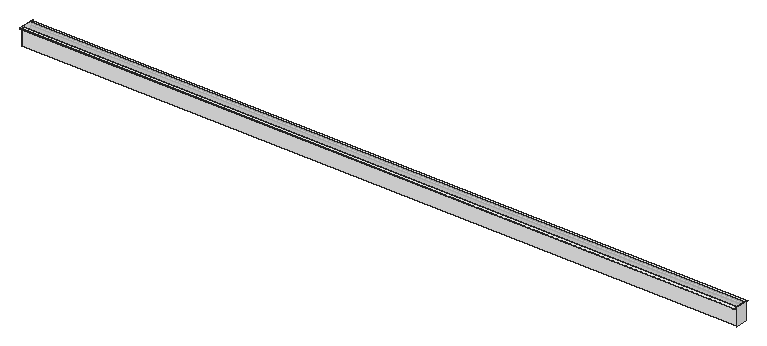
Revit family "2093131 Sylvania Lighting Fixture MC2 TRIM 3-6M 4K DALI WHT OPAL", category Lighting Fixtures, host Face, Revit 2016
Family settings
  Host = Face
  Part Type = Normal
  Round Connector Dimension = Use Diameter
  OmniClass Number = 23.80.70.11.17
  OmniClass Title = Specialized Lighting by Location or Use
  Cut with Voids When Loaded = No
  Light Source = Yes
  Shared = No
  Room Calculation Point = No
Parameters (values of type "2093131 MC2 TRIM 3.6M 4K DALI WHT OPAL")
  Width_SYL = 54.0 mm
  Weight = "8.4 kg"
  Wattage = 63 W
  WarrantyStartDate [instance] = "n/a"
  WarrantyGuarantorParts = "n/a"
  WarrantyDurationUnit = "n/a"
  WarrantyDurationParts = "n/a"
  WarrantyDescription = "n/a"
  built-in parameter 1150110 = 1 (stored number, unit not read)
  Voltage = 0 V
  URL = "http://www.sylvania-lighting.com"
  TypeName = "MC2 TRIM 3.6M 4K DALI WHT OPAL"
  built-in parameter 1114217 = 1 (stored number, unit not read)
  Tilt Angle = -90.00°
  built-in parameter 1150109 = 1 (stored number, unit not read)
  built-in parameter 1150134 = 12
  built-in parameter 1150113 = 1 (stored number, unit not read)
  SerialNumber [instance] = "n/a"
  PowerFactor = 0.98
  PowerConsumption = "63 W"
  NominalWidth = 0.0 mm
  NominalLength = 3600.0 mm
  NominalHeight = 86.0 mm
  Name = "MC2 TRIM 3.6M 4K DALI WHT OPAL"
  ModelReference = "MC2 TRIM 3.6M 4K DALI WHT OPAL"
  ModelNumber = "2093131"
  Material_3_SYL = Metal_Sylvania_Mini Contiuum II_Silver
  Photometric Web File = "2093131.ies"
  Material = "aluminium housing, polycarbonate diffuser"
  ManufacturerName = "Feilo Sylvania"
  LuminousEfficacy = "111 lm/W"
  LuminaireType = ""
  LightOutputRatio = "100"
  Length_SYL = 3600.0 mm
  LampsType = Lamp  # "LED"
  LampNominalLuminous = "7020 lm"
  LampMacAdamStep = "3"
  LampColourTemperature = "4000 K"
  LampColourRenderingIndex = "80"
  Keynote = "16500"
  InstallationDate [instance] = "n/a"
  InputVoltage = "n/a"
  InputNominalFrequency = "n/a"
  IngressProtection = "IP20"
  ImpactProtectionIndex = "n/a"
  IfcExportType = "IfcLightFixtureType"
  IfcExportAs = "IfcLightFixtureType"
  Height_SYL = 86.0 mm
  ExpectedLife = 50000
  EndCapRight_SYL [instance] = yes
  EndCapLeft_SYL [instance] = yes
  Emit from Rectangle Width = Width_SYL - 2.0 mm  # 52.0 mm
  Emit from Rectangle Length = Length_SYL  # 3600.0 mm
  Emit Shape Visible in Rendering = no
  ElectricShockClassification = "Class I"
  DurationUnit = "hours"
  DocumentationLiterature = "http://www.sylvania-lighting.com/product/en-int/products/2093131"
  DimmingControlOptions = "n/a"
  CreatedOn = "10/15/2018"
  CreatedBy = "@sylvania-lighting.com"
  built-in parameter 1114216 [instance] = 1 (stored number, unit not read)
  Model = "MC2 TRIM 3.6M 4K DALI WHT OPAL"
  Manufacturer = "Feilo Sylvania"  # constant formula
  built-in parameter 1150105 = 556.49 (stored number, unit not read)
  Lumens = 6993 lm
  built-in parameter 1150115 = 1 (stored number, unit not read)
  built-in parameter 1150137 = (empty or 0)
  built-in parameter 1150139 = (empty or 0)
  built-in parameter 1150112 = 1 (stored number, unit not read)
  built-in parameter 1150114 = 1 (stored number, unit not read)
  Lamp = "LED"
  built-in parameter 1150132 = 2
  built-in parameter 1150102 = (empty or 0)
  built-in parameter 1150107 = 4000 (stored number, unit not read)
  built-in parameter 1150138 = (empty or 0)
  built-in parameter 1150106 = 5.5649 (stored number, unit not read)
  Material_1_SYL = Metal_Sylvania_Mini Continuum II_White
  built-in parameter 1150104 = 10.312 (stored number, unit not read)
  Dimming Lamp Color Temperature Shift = <None>
  Material_2_SYL = Polycarbonate_Sylvania_Mini Continuum II_Opal_4000K
  Description = "Mini Continuum II introduces a uniquely clean, simple LED lighting system offering continuous, highly uniform lines of light across walls and ceilings. This highly versatile lighting tool can be recessed, semi-recessed, surface-mounted or suspended, either vertically or horizontally. Available as direct/indirect or direct only distribution - both of which can be interconnected. Every batten has a plug and socket arrangement for easy and rapid electrical installation. Mini Continuum II Direct is available in two versions: one with an outside trim detail for plasterboard ceilings; and a trimless version for when a seamless effect is required. Dimmable DALI versions and 3hr non-maintained integral emergency options are available as standard options"  # constant formula
  Default Elevation = 0.0 mm
  Color Filter = 16777215
  built-in parameter 1140040 [instance] = 1
  BarCode [instance] = "n/a"
  built-in parameter 1114218 = 1 (stored number, unit not read)
  built-in parameter 1150133 = 10 (stored number, unit not read)
  AssetType = "Fixed"
  AssetIdentifier [instance] = "n/a"
  Assembly Code = "D5020200"
  Apparent Load = 63 VA
Reference planes
  plane 1 "Center (Front/Back)": y = 0
  plane 2 "Bottom Fixtures": z = 0
  plane 3 "Center (Left/Right)": x = 0
  plane 4 "Fixture Left": x = -1800
  plane 5 "Fixture Right": x = 1800
  plane 6 "Fixture Bottom": z = 2
  plane 7: z = 0
  plane 8: z = -2
  plane 9: z = -11.049
  plane 10: z = -41.049
  plane 11 "Fixture Top": z = -84
  plane 12: y = 27
  plane 13: y = -27
  plane 14: y = -26
  plane 15: y = -25
  plane 16: y = 26
  plane 17: y = 25
  plane 18: y = 11
  plane 19: y = -11
  plane 20: y = 24
  plane 21: y = 22
  plane 22: y = -22
  plane 23: y = 15
  plane 24: y = -15
  plane 25: y = 40
  plane 26: y = -40
  plane 27: x = -1802
  plane 28: x = 1802
Forms (mm)
  Extrusion 1, solid, material "Metal_Sylvania_Mini Continuum II_White" <- "Material_1_SYL", detail levels fine
    sketch origin (0, 0, -84) x (0, 1, 0) y (0, 0, 1)
      loop
        line (27, 84) -> (40, 84) -> (40, 86) -> (26, 86) -> (26, 84) -> (25, 84) -> (25, 2) -> (13, 2) -> (13, 4) -> (-13, 4) -> (-13, 2) -> (-25, 2) -> (-25, 84) -> (-26, 84) -> (-26, 86) -> (-40, 86) -> (-40, 84) -> (-27, 84) -> (-27, 0) -> (-11, 0) -> (-11, 2) -> (11, 2) -> (11, 0) -> (27, 0) -> (27, 84)
    from -1800 to 1800
  Extrusion 2, solid, material "Polycarbonate_Sylvania_Mini Continuum II_Opal_4000K" <- "Material_2_SYL", detail levels fine
    sketch origin (0, 0, -84) x (0, 1, 0) y (0, 0, 1)
      loop
        line (-26, 86) -> (-26, 84) -> (26, 84) -> (26, 86) -> (-26, 86)
    from -1800 to 1800
  Extrusion 3, solid, material "Metal_Sylvania_Mini Contiuum II_Silver" <- "Material_3_SYL", detail levels fine
    sketch origin (0, 0, -84) x (0, 1, 0) y (0, 0, 1)
      loop
        line (22, 72.951) -> (20.973, 72.951) -> (14.206, 43.951) -> (-14.206, 43.951) -> (-20.973, 72.951) -> (-22, 72.951) -> (-15, 42.951) -> (15, 42.951) -> (22, 72.951)
    from -1800 to 1800
  Extrusion 4, solid, material "Metal_Sylvania_Mini Continuum II_White" <- "Material_1_SYL", detail levels coarse+medium
    sketch origin (0, 0, -84) x (0, 1, 0) y (0, 0, 1)
      loop
        line (-27, 86) -> (-27, 0) -> (27, 0) -> (27, 86) -> (-27, 86)
    from -1800 to 1800
  Extrusion 5, solid, material "Metal_Sylvania_Mini Continuum II_White" <- "Material_1_SYL", detail levels coarse+medium
    sketch origin (0, 0, -84) x (0, 1, 0) y (0, 0, 1)
      loop
        line (40, 86) -> (27, 86) -> (27, 84) -> (40, 84) -> (40, 86)
      loop
        line (-27, 86) -> (-40, 86) -> (-40, 84) -> (-27, 84) -> (-27, 86)
    from -1800 to 1800
  Extrusion 6, void
    sketch origin (0, 0, 0) x (0, 1, 0) y (0, 0, 1)
      loop
        line (27, 0) -> (-27, 0) -> (-27, -84) -> (27, -84) -> (27, 0)
    from -1800 to 1800
  Extrusion 7, solid, material "Metal_Sylvania_Mini Continuum II_White" <- "Material_1_SYL", visible <- "EndCapLeft_SYL"
    sketch origin (-1800, 171.684, 1219.2) x (0, 1, 0) y (0, 0, 1)
      loop
        line (-198.684, -1219.2) -> (-198.684, -1303.2) -> (-144.684, -1303.2) -> (-144.684, -1219.2) -> (-131.684, -1219.2) -> (-131.684, -1217.2) -> (-211.684, -1217.2) -> (-211.684, -1219.2) -> (-198.684, -1219.2)
    from 0 to -2
  Extrusion 8, solid, material "Metal_Sylvania_Mini Continuum II_White" <- "Material_1_SYL", visible <- "EndCapRight_SYL"
    sketch origin (1800, 171.684, 1219.2) x (0, 1, 0) y (0, 0, -1)
      loop
        line (-131.684, 1217.2) -> (-131.684, 1219.2) -> (-144.684, 1219.2) -> (-144.684, 1303.2) -> (-198.684, 1303.2) -> (-198.684, 1219.2) -> (-211.684, 1219.2) -> (-211.684, 1217.2) -> (-131.684, 1217.2)
    from 0 to -2
Lines and regions (mm)
  Masking region 1
    outline origin (0, 0, -86) x (-1, 0, 0) y (0, -1, 0)
      loop
        line (1800, -40) -> (1800, 40) -> (-1800, 40) -> (-1800, -40) -> (1800, -40)
  symbolic lines, detail levels fine
    curve 1: line (-1800, 27, -86) -> (1800, 27, -86)
    curve 2: line (-1800, -27, -86) -> (1800, -27, -86)
Dimensions and locks
  host sketch curve to plane 3 "Center (Left/Right)" to host sketch curve = 1260.0 mm, 1259.41 mm
  equal spacing: plane 4 "Fixture Left", plane 3 "Center (Left/Right)", plane 5 "Fixture Right"
  "Length_SYL": plane 4 "Fixture Left" to plane 5 "Fixture Right"
  plane 6 "Fixture Bottom" to plane 7 to plane 8 to plane 9 to plane 10 = 2.0 mm locked, 2.0 mm locked, 9.049 mm locked, 30.0 mm locked
  locked: Extrusion 1 sketch curve to Extrusion 1 sketch curve at 2
  "Height_SYL": plane 6 "Fixture Bottom" to plane 11 "Fixture Top"
  equal spacing: plane 12, plane 1 "Center (Front/Back)", plane 13
  plane 19 to plane 24 to plane 22 to plane 15 to plane 14 to plane 13 to plane 26 = 4.0 mm locked, 7.0 mm locked, 3.0 mm locked, 1.0 mm locked, 1.0 mm locked, 13.0 mm locked
  plane 25 to plane 12 to plane 16 to plane 17 to plane 20 to plane 21 to plane 23 to plane 18 = 13.0 mm locked, 1.0 mm locked, 1.0 mm locked, 1.0 mm locked, 2.0 mm locked, 7.0 mm locked, 4.0 mm locked
  "Width_SYL": plane 12 to plane 13
  equal spacing: plane 27, plane 3 "Center (Left/Right)", plane 28
  locked: plane 27 to plane 4 "Fixture Left" at 2
  aligned and locked: plane 2 "Bottom Fixtures" to host face
  aligned and locked: level to host face
  aligned and locked: Extrusion 1 sketch curve to plane 7  (x2)
  aligned and locked: plane 6 "Fixture Bottom" to Extrusion 1 sketch curve  (x2)
  aligned and locked: plane 7 to Extrusion 1 sketch curve
  aligned and locked: Extrusion 1 to Extrusion 2 sketch curve
  aligned and locked: Extrusion 2 sketch curve to Extrusion 1  (x3)
  aligned and locked: Extrusion 3 sketch curve to plane 10
  aligned and locked: plane 9 to Extrusion 3 sketch curve
  aligned and locked: Extrusion 3 sketch curve to plane 9
  aligned and locked: Extrusion 4 sketch curve to plane 6 "Fixture Bottom"
  aligned and locked: Extrusion 5 sketch curve to Extrusion 1  (x6)
  aligned and locked: Extrusion 4 to Extrusion 5 sketch curve
  aligned and locked: Extrusion 5 sketch curve to Extrusion 4
  aligned and locked: Extrusion 1 to Extrusion 6 sketch curve
  aligned and locked: Extrusion 6 sketch curve to Extrusion 1
  aligned and locked: Extrusion 6 sketch curve to plane 11 "Fixture Top"
  aligned and locked: Extrusion 6 sketch curve to plane 13
  aligned and locked: Extrusion 6 to plane 5 "Fixture Right"
  aligned and locked: plane 6 "Fixture Bottom" to imposter light
  aligned and locked: Masking region 1 sketch curve to Extrusion 1  (x4)
  aligned and locked: plane 5 "Fixture Right" to curve 1
  aligned and locked: plane 4 "Fixture Left" to curve 1
  aligned and locked: curve 1 to plane 12
  aligned and locked: plane 4 "Fixture Left" to curve 2
  aligned and locked: plane 5 "Fixture Right" to curve 2
  aligned and locked: curve 2 to plane 13
  aligned and locked: Extrusion 4 to plane 5 "Fixture Right"
  aligned and locked: Extrusion 1 to plane 5 "Fixture Right"
  aligned and locked: Extrusion 3 to plane 5 "Fixture Right"
  aligned and locked: Extrusion 4 to plane 4 "Fixture Left"
  aligned and locked: Extrusion 1 to plane 4 "Fixture Left"
  aligned and locked: Extrusion 3 to plane 4 "Fixture Left"
  aligned and locked: Extrusion 2 to plane 5 "Fixture Right"
  aligned and locked: Extrusion 5 to plane 5 "Fixture Right"
  aligned and locked: Extrusion 5 to plane 4 "Fixture Left"
  aligned and locked: Extrusion 2 to plane 4 "Fixture Left"
  aligned and locked: Extrusion 6 to plane 4 "Fixture Left"
  aligned and locked: Extrusion 4 to Extrusion 7 sketch curve
  aligned and locked: Extrusion 7 sketch curve to Extrusion 4  (x2)
  aligned and locked: Extrusion 7 sketch curve to Extrusion 5  (x4)
  aligned and locked: plane 6 "Fixture Bottom" to Extrusion 7 sketch curve
  aligned and locked: Extrusion 7 to plane 27
  aligned and locked: plane 4 "Fixture Left" to Extrusion 7
  aligned and locked: Extrusion 8 sketch curve to Extrusion 7  (x8)
  aligned and locked: plane 28 to Extrusion 8
  aligned and locked: plane 5 "Fixture Right" to Extrusion 8
Automatic sketch dimensions
  host sketch curve to host sketch curve = 1047.463 mm
  Extrusion 1 sketch curve to plane 26 = 0.0 mm
  Extrusion 1 sketch curve to plane 13 = 0.0 mm
  Extrusion 1 sketch curve to plane 14 = 0.0 mm
  Extrusion 1 sketch curve to plane 15 = 0.0 mm
  Extrusion 1 sketch curve to plane 19 = 0.0 mm
  Extrusion 1 sketch curve to plane 18 = 0.0 mm
  Extrusion 1 sketch curve to plane 17 = 0.0 mm
  Extrusion 1 sketch curve to plane 16 = 0.0 mm
  Extrusion 1 sketch curve to level = 0.0 mm
  Extrusion 1 sketch curve to plane 12 = 0.0 mm
  Extrusion 1 sketch curve to plane 25 = 0.0 mm
  Extrusion 1 sketch curve to plane 11 "Fixture Top" = 0.0 mm  (x2)
  Extrusion 1 sketch curve to plane 19 = 2.0 mm
  Extrusion 1 sketch curve to plane 18 = 2.0 mm
  plane 11 "Fixture Top" to Extrusion 1 sketch curve = 2.0 mm  (x3)
  Extrusion 3 sketch curve to plane 22 = 0.0 mm
  Extrusion 3 sketch curve to plane 24 = 0.0 mm
  Extrusion 3 sketch curve to plane 23 = 0.0 mm
  Extrusion 3 sketch curve to plane 21 = 0.0 mm
  plane 10 to Extrusion 3 sketch curve = 1.0 mm
  Extrusion 3 sketch curve to Extrusion 3 sketch curve = 1.027 mm  (x2)
  plane 24 to Extrusion 3 sketch curve = 0.794 mm
  plane 23 to Extrusion 3 sketch curve = 0.794 mm
  Extrusion 4 sketch curve to plane 11 "Fixture Top" = 0.0 mm
  Extrusion 4 sketch curve to plane 13 = 0.0 mm
  Extrusion 4 sketch curve to plane 12 = 0.0 mm
Connectors
  electrical at (-1800, 0, 0), driven by "Apparent Load"
    settings: index 1, voltage 230 V, apparent load 0 VA, apparent load phase1 63 VA, apparent load phase2 0 VA, apparent load phase3 0 VA, power factor 1, load classification "Lighting", number of poles 1, system type 31, power factor state 1, is connector primary yes, connector utility no, sub classification motor no, connector description ""
